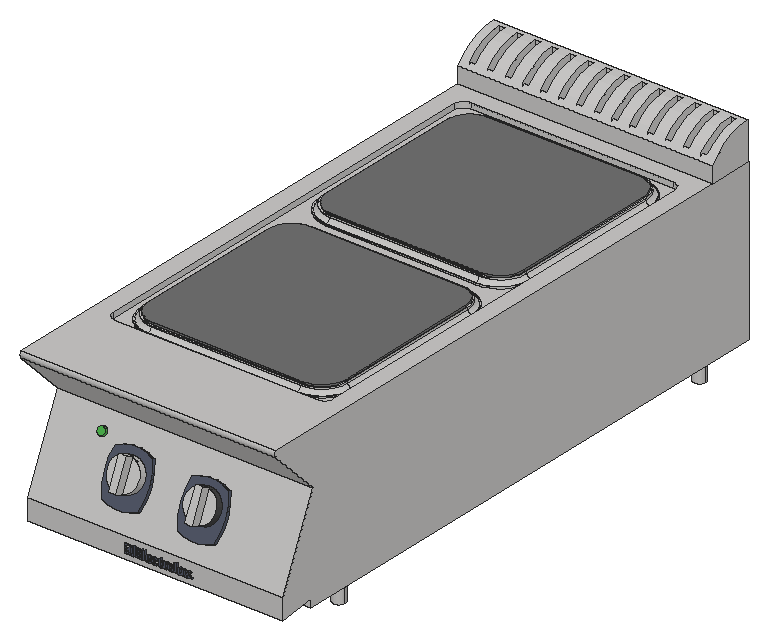
Revit family "QF_ELECTROLUXPROFESSIONAL_391039_E9ECED2Q00", category Specialty Equipment, Revit 2018
Family settings
  Round Connector Dimension = Use Diameter
  Part Type = Normal
  Work Plane-Based = No
  Always vertical = Yes
  Cut with Voids When Loaded = No
  Shared = No
  Room Calculation Point = No
Parameters
  Width = 400 mm  # constant formula
  Weight in Pounds = 35  # constant formula
  Watts = 8000 VA  # 8000 W
  Volts = 400 V  # constant formula
  URL Cutsheet = "www.electrolux.com/foodservice"
  URL = "www.electrolux.com/foodservice"
  Type Mark [instance] = ""
  Status [instance] = ""
  Specification by User [instance] = ""
  Specification by Manufacturer = ""
  Show Logo [instance] = yes
  Show Clearance [instance] = yes
  Serial Number = ""
  Seismic Rating = ""
  SMACNA No = ""
  Revision Code [instance] = ""
  Phase = 3  # constant formula
  Omniclass Number and Title = ""
  Number of Poles [instance] = 1
  NAFEM Spec ID Number = ""
  Model = "391039"
  Min Ckt Ampacity = 0 A
  Max Overcurrent Protection = 0 A
  Masterspec = ""
  Manufacturer = "ELECTROLUX"
  Item Number [instance] = ""
  Installed By [instance] = ""
  Identify Quantity as Lot [instance] = yes
  Height = 333 mm  # constant formula
  HP = "10.7 HP"
  Furnished By [instance] = ""
  Foodservice Equipment Identifier [instance] = yes
  FL Amps = if(Phase = 3, Watts / (Volts * 1.73), Watts / Volts)  # 11.5607 A
  Electrical Remarks [instance] = "400 V/3N ph/50/60 Hz"  # constant formula
  Electric Connection Type [instance] = ""
  Elec Conn RI Height [instance] = 0 mm
  Elec Conn Connection Height [instance] = 0 mm
  Direct Waste Size = 0"
  Description = "900XP 2 ELECTRIC HOT BOILING TOP PLATES 4kW -400V"
  Depth = 930 mm  # constant formula
  Cycle = if([60 Hertz Option], 60 Hz, 50 Hz)  # 60 Hz
  Conn Plug = ""
  Conn Conduit = yes
  CSI MasterFormat = ""
  CSI Master Format = ""
  Base Height [instance] = 24 mm  # constant formula
  Apparent Power = if(Phase = 3, Volts * FL Amps * 1.73, Volts * FL Amps)  # 8000 VA
  60 Hertz Option = not([50 Hertz Option])  # yes
  50 Hertz Option = no
Reference planes
  plane 1 "BACK": y = 0
  plane 2: z = 0
  plane 3 "LEFT": x = 0
  plane 4 "RIGHT": x = 400
  plane 5 "FRONT": y = -930
  plane 6 "TOP": z = 333
  plane 7 "Center Y": x = 200
  plane 8 "Center X": y = -465
  plane 9 "BASE": z = 24
  plane 10 "TOP A": z = 275
  plane 11: y = -790
  plane 12: y = -915
  plane 13: y = -82
  plane 14: y = -609
  plane 15: y = -583
Forms (mm)
  Extrusion 1, solid, material "QF_Finishes_Stainless Steel"
    sketch origin (0, 0, 0) x (0, 1, 0) y (0, 0, 1)
      loop
        line (0, 275) -> (-928.041, 275)
        arc (-928.041, 275) -> (-929.999, 270.526) -> (-928.201, 265.985) r 6.35
        line (-928.201, 265.985) -> (-856.039, 191.809) -> (-915, 63.041) -> (-915, 30.789) -> (-859.023, 36.7) -> (-859.023, 24) -> (0, 24) -> (0, 275)
    from 0 to 400
  Extrusion 2, void
    sketch origin (0, -198.623, 273.238) x (-1, 0, 0) y (0, -1, 0)
      loop
        arc (-42.5, -101.089) -> (-31.893, -96.696) -> (-27.5, -86.089) r 15
        line (-27.5, -86.089) -> (-27.5, 583.262)
        arc (-27.5, 583.262) -> (-31.893, 593.868) -> (-42.5, 598.262) r 15
        line (-42.5, 598.262) -> (-359.751, 598.262)
        arc (-359.751, 598.262) -> (-370.358, 593.868) -> (-374.751, 583.262) r 15
        line (-374.751, 583.262) -> (-374.751, -86.089)
        arc (-374.751, -86.089) -> (-370.358, -96.696) -> (-359.751, -101.089) r 15
        line (-359.751, -101.089) -> (-42.5, -101.089)
    from 1.763 to -6.35
  Extrusion 3, solid, material "QF_Finishes_Stainless Steel"
    sketch origin (0, -198.623, 0) x (1, 0, 0) y (0, 1, 0)
      loop
        circle (11.112, 116.623) r 9.525
      loop
        circle (388.887, 116.623) r 9.525
      loop
        circle (11.112, -591.377) r 9.525
      loop
        circle (388.888, -591.377) r 9.525
    from 0 to 24
  Extrusion 4, solid, material "QF_Clearances", visible <- "Show Clearance", detail levels coarse
    sketch origin (0, -198.623, 0) x (1, 0, 0) y (0, 1, 0)
      loop
        line (0, -731.377) -> (0, 198.623) -> (400, 198.623) -> (400, -731.377) -> (500.019, -731.377) -> (500.019, 298.642) -> (-100.019, 298.642) -> (-100.019, -731.377) -> (0, -731.377)
    from 0 to 333
  Extrusion 5, solid, material "QF_Finishes_Stainless Steel"
    sketch origin (0, 0, 0) x (0, 1, 0) y (0, 0, 1)
      loop
        line (0, 275) -> (0, 333.762)
        arc (0, 333.762) -> (-38.885, 325.372) -> (-69.85, 300.4) r 86.116
        line (-69.85, 300.4) -> (-69.85, 275) -> (0, 275)
    from 0 to 400
  Extrusion 6, void
    sketch origin (0, 0, 273.237) x (-1, 0, 0) y (0, -1, 0)
      loop
        line (-13.453, 6.761) -> (-13.453, 63.911) -> (-22.749, 63.911) -> (-22.749, 6.761) -> (-13.453, 6.761)
    from 25.4 to 63.5
  Extrusion 7, void
    sketch origin (400.05, 0, 273.237) x (1, 0, 0) y (0, 1, 0)
      loop
        line (-13.503, -6.761) -> (-22.799, -6.761) -> (-22.799, -63.911) -> (-13.503, -63.911) -> (-13.503, -6.761)
    from 25.4 to 63.5
  Extrusion 8, void
    sketch origin (27.988, 0, 273.237) x (-1, 0, 0) y (0, -1, 0)
      loop
        line (-13.453, 6.761) -> (-13.453, 63.911) -> (-22.749, 63.911) -> (-22.749, 6.761) -> (-13.453, 6.761)
    from 25.4 to 63.5
  Extrusion 9, void
    sketch origin (55.977, 0, 273.237) x (-1, 0, 0) y (0, -1, 0)
      loop
        line (-13.453, 6.761) -> (-13.453, 63.911) -> (-22.749, 63.911) -> (-22.749, 6.761) -> (-13.453, 6.761)
    from 25.4 to 63.5
  Extrusion 10, void
    sketch origin (83.965, 0, 273.237) x (-1, 0, 0) y (0, -1, 0)
      loop
        line (-13.428, 6.761) -> (-13.428, 63.911) -> (-22.724, 63.911) -> (-22.724, 6.761) -> (-13.428, 6.761)
    from 25.4 to 63.5
  Extrusion 11, void
    sketch origin (111.953, 0, 273.237) x (-1, 0, 0) y (0, -1, 0)
      loop
        line (-13.428, 6.761) -> (-13.428, 63.911) -> (-22.724, 63.911) -> (-22.724, 6.761) -> (-13.428, 6.761)
    from 25.4 to 63.5
  Extrusion 12, void
    sketch origin (139.942, 0, 273.237) x (-1, 0, 0) y (0, -1, 0)
      loop
        line (-13.428, 6.761) -> (-13.428, 63.911) -> (-22.724, 63.911) -> (-22.724, 6.761) -> (-13.428, 6.761)
    from 25.4 to 63.5
  Extrusion 13, void
    sketch origin (167.93, 0, 273.237) x (-1, 0, 0) y (0, -1, 0)
      loop
        line (-13.428, 6.761) -> (-13.428, 63.911) -> (-22.724, 63.911) -> (-22.724, 6.761) -> (-13.428, 6.761)
    from 25.4 to 63.5
  Extrusion 14, void
    sketch origin (195.918, 0, 273.237) x (-1, 0, 0) y (0, -1, 0)
      loop
        line (-13.428, 6.761) -> (-13.428, 63.911) -> (-22.724, 63.911) -> (-22.724, 6.761) -> (-13.428, 6.761)
    from 25.4 to 63.5
  Extrusion 15, void
    sketch origin (223.907, 0, 273.237) x (-1, 0, 0) y (0, -1, 0)
      loop
        line (-13.428, 6.761) -> (-13.428, 63.911) -> (-22.724, 63.911) -> (-22.724, 6.761) -> (-13.428, 6.761)
    from 25.4 to 63.5
  Extrusion 16, void
    sketch origin (251.895, 0, 273.237) x (-1, 0, 0) y (0, -1, 0)
      loop
        line (-13.428, 6.761) -> (-13.428, 63.911) -> (-22.724, 63.911) -> (-22.724, 6.761) -> (-13.428, 6.761)
    from 25.4 to 63.5
  Extrusion 17, void
    sketch origin (279.884, 0, 273.237) x (-1, 0, 0) y (0, -1, 0)
      loop
        line (-13.403, 6.761) -> (-13.403, 63.911) -> (-22.699, 63.911) -> (-22.699, 6.761) -> (-13.403, 6.761)
    from 25.4 to 63.5
  Extrusion 18, void
    sketch origin (307.872, 0, 273.237) x (-1, 0, 0) y (0, -1, 0)
      loop
        line (-13.403, 6.761) -> (-13.403, 63.911) -> (-22.699, 63.911) -> (-22.699, 6.761) -> (-13.403, 6.761)
    from 25.4 to 63.5
  Extrusion 19, void
    sketch origin (335.86, 0, 273.237) x (-1, 0, 0) y (0, -1, 0)
      loop
        line (-13.403, 6.761) -> (-13.403, 63.911) -> (-22.699, 63.911) -> (-22.699, 6.761) -> (-13.403, 6.761)
    from 25.4 to 63.5
  Extrusion 20, solid, material "QF_Finishes_Stainless Steel"
    sketch origin (0, -198.623, 266.888) x (-1, 0, 0) y (0, -1, 0)
      loop
        arc (-86.725, 266.377) -> (-58.441, 278.092) -> (-46.725, 306.377) r 40
        line (-46.725, 306.377) -> (-46.725, 541.377)
        arc (-46.725, 541.377) -> (-58.441, 569.661) -> (-86.725, 581.377) r 40
        line (-86.725, 581.377) -> (-321.725, 581.377)
        arc (-321.725, 581.377) -> (-350.009, 569.661) -> (-361.725, 541.377) r 40
        line (-361.725, 541.377) -> (-361.725, 306.377)
        arc (-361.725, 306.377) -> (-350.009, 278.092) -> (-321.725, 266.377) r 40
        line (-321.725, 266.377) -> (-86.725, 266.377)
      loop
        line (-86.725, 230.796) -> (-321.725, 230.796)
        arc (-321.725, 230.796) -> (-350.009, 219.08) -> (-361.725, 190.796) r 40
        line (-361.725, 190.796) -> (-361.725, -44.204)
        arc (-361.725, -44.204) -> (-350.009, -72.488) -> (-321.725, -84.204) r 40
        line (-321.725, -84.204) -> (-86.725, -84.204)
        arc (-86.725, -84.204) -> (-58.441, -72.488) -> (-46.725, -44.204) r 40
        line (-46.725, -44.204) -> (-46.725, 190.796)
        arc (-46.725, 190.796) -> (-58.441, 219.08) -> (-86.725, 230.796) r 40
    from 0 to 10
  Sweep 21, solid, material "QF_Finishes_Stainless Steel"
    path origin (0, -198.623, 276.888) x (-1, 0, 0) y (0, -1, 0)
      loop
        line (-46.725, 306.377) -> (-46.725, 541.377)
        arc (-46.725, 541.377) -> (-58.441, 569.661) -> (-86.725, 581.377) r 40
        line (-86.725, 581.377) -> (-321.725, 581.377)
        arc (-321.725, 581.377) -> (-350.009, 569.661) -> (-361.725, 541.377) r 40
        line (-361.725, 541.377) -> (-361.725, 306.377)
        arc (-361.725, 306.377) -> (-350.009, 278.092) -> (-321.725, 266.377) r 40
        line (-321.725, 266.377) -> (-86.725, 266.377)
        arc (-86.725, 266.377) -> (-58.441, 278.092) -> (-46.725, 306.377) r 40
    profile origin (46.725, -622.5, 276.888) x (1, 0, 0) y (0, 0, 1)
      loop
        arc (0, -1.759) -> (-2.638, -5.472) -> (-6.35, -8.109) r 13.651
        line (-6.35, -8.109) -> (-8.064, -8.109) -> (-8.064, -10) -> (0, -10) -> (0, -1.759)
  Sweep 22, solid, material "QF_Finishes_Stainless Steel"
    path origin (0, 151.957, 276.888) x (-1, 0, 0) y (0, -1, 0)
      loop
        line (-46.725, 306.377) -> (-46.725, 541.377)
        arc (-46.725, 541.377) -> (-58.441, 569.661) -> (-86.725, 581.377) r 40
        line (-86.725, 581.377) -> (-321.725, 581.377)
        arc (-321.725, 581.377) -> (-350.009, 569.661) -> (-361.725, 541.377) r 40
        line (-361.725, 541.377) -> (-361.725, 306.377)
        arc (-361.725, 306.377) -> (-350.009, 278.092) -> (-321.725, 266.377) r 40
        line (-321.725, 266.377) -> (-86.725, 266.377)
        arc (-86.725, 266.377) -> (-58.441, 278.092) -> (-46.725, 306.377) r 40
    profile origin (46.725, -271.919, 276.888) x (1, 0, 0) y (0, 0, 1)
      loop
        arc (0, -1.759) -> (-2.638, -5.472) -> (-6.35, -8.109) r 13.651
        line (-6.35, -8.109) -> (-8.064, -8.109) -> (-8.064, -10) -> (0, -10) -> (0, -1.759)
  Extrusion 23, solid, material "QF_Finishes_Rubber Black"
    sketch origin (0, -198.623, 276.888) x (-1, 0, 0) y (0, -1, 0)
      loop
        arc (-49.725, 190.796) -> (-60.562, 216.959) -> (-86.725, 227.796) r 37
        line (-86.725, 227.796) -> (-321.725, 227.796)
        arc (-321.725, 227.796) -> (-347.888, 216.959) -> (-358.725, 190.796) r 37
        line (-358.725, 190.796) -> (-358.725, -44.204)
        arc (-358.725, -44.204) -> (-347.888, -70.367) -> (-321.725, -81.204) r 37
        line (-321.725, -81.204) -> (-86.725, -81.204)
        arc (-86.725, -81.204) -> (-60.562, -70.367) -> (-49.725, -44.204) r 37
        line (-49.725, -44.204) -> (-49.725, 190.796)
      loop
        arc (-86.725, 269.377) -> (-60.562, 280.214) -> (-49.725, 306.377) r 37
        line (-49.725, 306.377) -> (-49.725, 541.377)
        arc (-49.725, 541.377) -> (-60.562, 567.54) -> (-86.725, 578.377) r 37
        line (-86.725, 578.377) -> (-321.725, 578.377)
        arc (-321.725, 578.377) -> (-347.888, 567.54) -> (-358.725, 541.377) r 37
        line (-358.725, 541.377) -> (-358.725, 306.377)
        arc (-358.725, 306.377) -> (-347.888, 280.214) -> (-321.725, 269.377) r 37
        line (-321.725, 269.377) -> (-86.725, 269.377)
    from 0 to 2
  Extrusion 24, solid, material "QF_Finishes_Green"
    sketch origin (0, -915, 63.041) x (0, 0.416318, 0.909219) y (-1, 0, 0)
      loop
        circle (111.946, -80.648) r 6.35
    from 0 to 3.175
  Extrusion 25, solid, material "QF_Finishes_Navy Blue", visible <- "Show Logo"
    sketch origin (0, -915, 31.09) x (0, 0, 1) y (-1, 0, 0)
      loop
        line (22.074, -162.506) -> (9.707, -162.506)
        arc (9.707, -162.506) -> (15.891, -167.078) -> (22.074, -162.506) r 6.467
      loop
        arc (22.074, -161.877) -> (20.905, -156.734) -> (16.249, -154.256) r 6.338
        line (16.249, -154.256) -> (16.249, -156.302)
        arc (16.249, -156.302) -> (17.733, -159.957) -> (21.178, -161.877) r 5.941
        line (21.178, -161.877) -> (22.074, -161.877)
      loop
        arc (10.603, -161.877) -> (14.048, -159.957) -> (15.532, -156.302) r 5.941
        line (15.532, -156.302) -> (15.532, -154.256)
        arc (15.532, -154.256) -> (10.838, -156.73) -> (9.548, -161.877) r 6.504
        line (9.548, -161.877) -> (10.603, -161.877)
      loop
        line (22.749, -153.787) -> (9.004, -153.787) -> (9.004, -167.55) -> (22.749, -167.55) -> (22.749, -153.787)
      loop
        arc (22.832, -170.518) -> (22.485, -170.16) -> (22.118, -170.498) r 0.358
        arc (22.118, -170.498) -> (21.804, -171.248) -> (21.087, -171.633) r 1.216
        line (21.087, -171.633) -> (10.674, -171.633)
        arc (10.674, -171.633) -> (10.014, -171.356) -> (9.618, -170.759) r 1.238
        arc (9.618, -170.759) -> (9.223, -170.508) -> (8.918, -170.862) r 0.358
        line (8.918, -170.862) -> (8.918, -180.741) -> (11.669, -180.741) -> (11.669, -179.844)
        arc (11.669, -179.844) -> (10.76, -179.264) -> (10.304, -178.287) r 1.928
        line (10.304, -178.287) -> (10.304, -175.788)
        arc (10.304, -175.788) -> (10.58, -175.059) -> (11.268, -174.695) r 1.101
        line (11.268, -174.695) -> (15.355, -174.695) -> (15.355, -178.369)
        arc (15.355, -178.369) -> (15.002, -178.866) -> (14.437, -179.094) r 1.083
        arc (14.437, -179.094) -> (14.173, -179.399) -> (14.465, -179.677) r 0.292
        line (14.465, -179.677) -> (17.428, -179.677)
        arc (17.428, -179.677) -> (17.73, -179.404) -> (17.492, -179.074) r 0.305
        arc (17.492, -179.074) -> (17.001, -178.826) -> (16.696, -178.369) r 1.083
        line (16.696, -178.369) -> (16.696, -174.695) -> (21.373, -174.695) -> (21.373, -178.443)
        arc (21.373, -178.443) -> (21.159, -179.198) -> (20.553, -179.696) r 1.314
        arc (20.553, -179.696) -> (20.334, -180.1) -> (20.688, -180.393) r 0.361
        line (20.688, -180.393) -> (22.832, -180.393) -> (22.832, -170.518)
      loop
        arc (22.115, -181.173) -> (21.735, -182.092) -> (20.816, -182.472) r 1.299
        line (20.816, -182.472) -> (11.237, -182.472)
        arc (11.237, -182.472) -> (10.399, -182.094) -> (10.128, -181.216) r 1.118
        line (10.128, -181.216) -> (8.918, -181.216) -> (8.918, -186.566) -> (10.106, -186.566)
        arc (10.106, -186.566) -> (10.378, -185.649) -> (11.248, -185.253) r 1.153
        line (11.248, -185.253) -> (23.32, -185.253) -> (22.115, -181.173)
      loop
        line (13.883, -189.202) -> (13.883, -195.65) -> (14.682, -195.65)
        arc (14.682, -195.65) -> (17.262, -194.665) -> (18.531, -192.212) r 3.874
        line (18.531, -192.212) -> (18.531, -190.451)
        arc (18.531, -190.451) -> (17.344, -187.586) -> (14.48, -186.4) r 4.051
        line (14.48, -186.4) -> (12.472, -186.4)
        arc (12.472, -186.4) -> (9.653, -187.885) -> (8.602, -190.892) r 4.352
        arc (8.602, -190.892) -> (8.966, -193.355) -> (10.343, -195.429) r 5.713
        line (10.343, -195.429) -> (11.292, -195.429)
        arc (11.292, -195.429) -> (10.56, -193.86) -> (10.343, -192.142) r 5.579
        arc (10.343, -192.142) -> (11.137, -190.179) -> (13.016, -189.202) r 3.057
        line (13.016, -189.202) -> (13.883, -189.202)
      loop
        line (15.142, -189.202) -> (15.142, -192.784)
        arc (15.142, -192.784) -> (16.599, -192.832) -> (17.482, -191.672) r 1.59
        line (17.482, -191.672) -> (17.482, -190.842)
        arc (17.482, -190.842) -> (16.617, -189.587) -> (15.142, -189.202) r 2.184
      loop
        arc (17.933, -205.067) -> (18.422, -203.393) -> (18.579, -201.656) r 9.023
        line (18.579, -201.656) -> (18.579, -200.294)
        arc (18.579, -200.294) -> (17.42, -197.494) -> (14.62, -196.335) r 3.959
        line (14.62, -196.335) -> (12.02, -196.335)
        arc (12.02, -196.335) -> (9.738, -197.627) -> (8.621, -200) r 4.331
        line (8.621, -200) -> (8.621, -202.135)
        arc (8.621, -202.135) -> (9.129, -203.685) -> (10.051, -205.031) r 5.772
        arc (10.051, -205.031) -> (10.812, -205.082) -> (10.899, -204.323) r 0.553
        arc (10.899, -204.323) -> (10.511, -203.589) -> (10.377, -202.77) r 2.573
        line (10.377, -202.77) -> (10.377, -201.255)
        arc (10.377, -201.255) -> (11.383, -199.614) -> (13.198, -198.971) r 2.884
        line (13.198, -198.971) -> (14.477, -198.971)
        arc (14.477, -198.971) -> (16.298, -199.531) -> (17.224, -201.196) r 2.554
        line (17.224, -201.196) -> (17.224, -202.249)
        arc (17.224, -202.249) -> (16.893, -203.177) -> (16.236, -203.912) r 2.564
        arc (16.236, -203.912) -> (16.014, -204.629) -> (16.623, -205.067) r 0.643
        line (16.623, -205.067) -> (17.933, -205.067)
      loop
        line (16.915, -205.337) -> (16.915, -206.838) -> (10.867, -206.838)
        arc (10.867, -206.838) -> (9.279, -207.496) -> (8.621, -209.084) r 2.246
        line (8.621, -209.084) -> (8.621, -210.668)
        arc (8.621, -210.668) -> (8.935, -211.533) -> (9.435, -212.304) r 4.06
        arc (9.435, -212.304) -> (10.168, -212.437) -> (10.419, -211.736) r 0.576
        arc (10.419, -211.736) -> (10.313, -211.211) -> (10.377, -210.678) r 1.69
        arc (10.377, -210.678) -> (10.919, -209.89) -> (11.825, -209.587) r 1.506
        line (11.825, -209.587) -> (16.963, -209.587) -> (16.963, -211.984) -> (17.519, -212.541) -> (18.341, -212.541) -> (18.341, -209.681) -> (21.572, -209.681) -> (16.915, -205.337)
      loop
        line (8.838, -213.438) -> (8.838, -218.825) -> (9.948, -218.825)
        arc (9.948, -218.825) -> (10.342, -217.874) -> (11.293, -217.48) r 1.345
        line (11.293, -217.48) -> (14.909, -217.48)
        arc (14.909, -217.48) -> (15.674, -218.072) -> (15.964, -218.994) r 1.615
        line (15.964, -218.994) -> (15.964, -220.55) -> (18.519, -221.235) -> (18.519, -219.852) -> (16.577, -217.293) -> (18.457, -217.293) -> (18.173, -214.587)
        arc (18.173, -214.587) -> (17.733, -214.057) -> (17.074, -214.258) r 0.621
        arc (17.074, -214.258) -> (16.674, -214.6) -> (16.18, -214.783) r 1.501
        line (16.18, -214.783) -> (11.293, -214.783)
        arc (11.293, -214.783) -> (10.342, -214.389) -> (9.948, -213.438) r 1.345
        line (9.948, -213.438) -> (8.838, -213.438)
      loop
        line (14.94, -220.772) -> (12.248, -220.772)
        arc (12.248, -220.772) -> (9.803, -222.08) -> (8.669, -224.611) r 4.288
        arc (8.669, -224.611) -> (8.605, -225.991) -> (8.669, -227.371) r 15.022
        arc (8.669, -227.371) -> (9.803, -229.902) -> (12.248, -231.209) r 4.288
        line (12.248, -231.209) -> (14.94, -231.209)
        arc (14.94, -231.209) -> (17.386, -229.902) -> (18.519, -227.371) r 4.288
        arc (18.519, -227.371) -> (18.583, -225.991) -> (18.519, -224.611) r 15.022
        arc (18.519, -224.611) -> (17.386, -222.08) -> (14.94, -220.772) r 4.288
      loop
        line (15.145, -223.886) -> (12.043, -223.886)
        arc (12.043, -223.886) -> (9.886, -226.043) -> (12.043, -228.2) r 2.157
        line (12.043, -228.2) -> (15.145, -228.2)
        arc (15.145, -228.2) -> (17.302, -226.043) -> (15.145, -223.886) r 2.157
      loop
        arc (22.126, -231.068) -> (21.755, -231.962) -> (20.861, -232.332) r 1.264
        line (20.861, -232.332) -> (10.997, -232.332)
        arc (10.997, -232.332) -> (10.127, -231.935) -> (9.855, -231.019) r 1.153
        line (9.855, -231.019) -> (8.918, -231.019) -> (8.918, -236.127) -> (9.846, -236.127)
        arc (9.846, -236.127) -> (10.205, -235.355) -> (10.997, -235.04) r 1.153
        line (10.997, -235.04) -> (23.32, -235.04) -> (22.126, -231.068)
      loop
        arc (17.246, -235.665) -> (17.047, -236.729) -> (16.078, -237.211) r 1.215
        line (16.078, -237.211) -> (11.058, -237.211)
        arc (11.058, -237.211) -> (9.443, -237.859) -> (8.722, -239.442) r 2.338
        line (8.722, -239.442) -> (8.722, -240.956)
        arc (8.722, -240.956) -> (8.897, -241.96) -> (9.399, -242.846) r 2.979
        line (9.399, -242.846) -> (8.918, -244.643) -> (8.918, -246.332) -> (18.343, -246.332) -> (18.049, -242.128) -> (17.263, -242.128)
        arc (17.263, -242.128) -> (16.907, -242.964) -> (16.155, -243.473) r 1.605
        line (16.155, -243.473) -> (11.052, -243.473)
        arc (11.052, -243.473) -> (10.632, -242.536) -> (10.559, -241.512) r 2.94
        arc (10.559, -241.512) -> (11.12, -240.411) -> (12.273, -239.968) r 1.724
        line (12.273, -239.968) -> (18.47, -239.968) -> (17.246, -235.665)
      loop
        line (18.274, -247.185) -> (16.602, -249.231) -> (13.428, -251.537) -> (9.972, -248.425)
        arc (9.972, -248.425) -> (9.735, -248.031) -> (9.757, -247.572) r 0.789
        line (9.757, -247.572) -> (8.918, -247.572) -> (8.918, -251.117) -> (9.744, -251.117)
        arc (9.744, -251.117) -> (10.086, -250.755) -> (10.576, -250.847) r 0.52
        line (10.576, -250.847) -> (12.376, -252.318) -> (10.258, -253.694)
        arc (10.258, -253.694) -> (9.857, -253.384) -> (9.77, -252.884) r 0.7
        line (9.77, -252.884) -> (8.918, -252.884) -> (8.918, -258.811) -> (9.805, -258.811)
        arc (9.805, -258.811) -> (9.872, -258.152) -> (10.266, -257.621) r 1.247
        line (10.266, -257.621) -> (14.466, -254.34) -> (16.913, -256.393) -> (18.274, -258.135) -> (18.274, -254.412) -> (16.789, -254.834) -> (15.268, -253.557) -> (16.968, -252.367) -> (18.274, -253.144) -> (18.274, -247.185)
    from 0 to 1.644
  Extrusion 26, solid, material "QF_Finishes_Stainless Steel"
    sketch origin (-24.783, -915.025, 68.652) x (0, 0.421077, 0.907025) y (-1, 0, 0)
      loop
        circle (68.826, -160.963) r 25.4
    from 0 to 12.7
  Extrusion 27, solid, material "QF_Finishes_Stainless Steel"
    sketch origin (-24.783, -926.544, 74) x (0, 0.421077, 0.907025) y (-1, 0, 0)
      loop
        arc (93.558, -166.749) -> (94.226, -160.963) -> (93.558, -155.177) r 25.4
        line (93.558, -155.177) -> (44.094, -155.177)
        arc (44.094, -155.177) -> (43.426, -160.963) -> (44.094, -166.749) r 25.4
        line (44.094, -166.749) -> (93.558, -166.749)
    from 0 to 12.7
  Extrusion 28, solid, material "QF_Finishes_Stainless Steel"
    sketch origin (417.5, -915.025, 66.777) x (0, 0.421077, 0.907025) y (-1, 0, 0)
      loop
        circle (68.826, 160.963) r 25.4
    from 0 to 12.7
  Extrusion 29, solid, material "QF_Finishes_Stainless Steel"
    sketch origin (417.5, -926.544, 72.125) x (0, 0.421077, 0.907025) y (-1, 0, 0)
      loop
        line (93.558, 166.749) -> (44.094, 166.749)
        arc (44.094, 166.749) -> (43.426, 160.963) -> (44.094, 155.177) r 25.4
        line (44.094, 155.177) -> (93.558, 155.177)
        arc (93.558, 155.177) -> (94.226, 160.963) -> (93.558, 166.749) r 25.4
    from 0 to 12.7
  Extrusion 30, solid, material "QF_Finishes_Stainless Steel"
    sketch origin (0, -300.223, 24) x (-1, 0, 0) y (0, 1, 0)
      loop
        circle (-249, -308.777) r 12.7
    from 0 to 12.7
  Extrusion 31, solid, material "QF_Finishes_Stainless Steel"
    sketch origin (0, -300.223, 24) x (-1, 0, 0) y (0, 1, 0)
      loop
        circle (-339, -282.777) r 12.7
    from 0 to 12.7
  Extrusion 32, solid, material "QF_Finishes_Navy Blue - Electrolux"
    sketch origin (0, -915, 63.041) x (0, 0.416318, 0.909219) y (-1, 0, 0)
      loop
        arc (103.364, -107.24) -> (68.487, -100.223) -> (33.619, -107.285) r 89.894
        arc (33.619, -107.285) -> (26.924, -135.815) -> (33.619, -164.346) r 64.14
        arc (33.619, -164.346) -> (68.487, -171.411) -> (103.364, -164.39) r 89.853
        arc (103.364, -164.39) -> (110.078, -135.815) -> (103.364, -107.24) r 64.16
      loop
        arc (100.864, -227.597) -> (65.987, -220.58) -> (31.119, -227.641) r 89.894
        arc (31.119, -227.641) -> (24.424, -256.172) -> (31.119, -284.703) r 64.14
        arc (31.119, -284.703) -> (65.987, -291.768) -> (100.864, -284.747) r 89.853
        arc (100.864, -284.747) -> (107.578, -256.172) -> (100.864, -227.597) r 64.16
    from 0 to 4
Cuts and joins
  Extrusion 2 cuts Extrusion 1
  Extrusion 6, Extrusion 7, Extrusion 8, Extrusion 9, Extrusion 10, Extrusion 11, Extrusion 12, Extrusion 13, Extrusion 14, Extrusion 15, Extrusion 16, Extrusion 17, Extrusion 18, Extrusion 19 cuts Extrusion 5
Lines and regions (mm)
  symbolic lines, style "QF_Clearances", visible <- "Show Clearance", detail levels coarse
    curve 1: line (-100.019, 100.019, 275) -> (-100.019, -930, 275)
    curve 2: line (500.019, 100.019, 275) -> (-100.019, 100.019, 275)
    curve 3: line (500.019, -930, 275) -> (500.019, 100.019, 275)
  symbolic lines
    curve 4: line (0, -930, 275) -> (0, -198.623, 275)
    curve 5: line (400, -198.623, 275) -> (400, -930, 275)
    curve 6: line (0, -268.473, 275) -> (0, -319.273, 275)
    curve 7: line (400, -930, 275) -> (0, -930, 275)
    curve 8: line (27.5, -781.885, 266.888) -> (27.5, -112.534, 266.888)
    curve 9: line (42.5, -97.534, 266.888) -> (359.751, -97.534, 266.887)
    curve 10: line (374.751, -112.534, 266.887) -> (374.751, -781.885, 266.887)
    curve 11: line (359.751, -796.885, 266.887) -> (42.5, -796.885, 266.888)
    curve 12: line (0, 0, 275) -> (400, 0, 275)
    curve 13: line (22.724, -6.761, 275) -> (22.724, -63.911, 275)
    curve 14: line (22.724, -63.911, 275) -> (13.428, -63.911, 275)
    curve 15: line (13.428, -63.911, 275) -> (13.428, -6.761, 275)
    curve 16: line (13.428, -6.761, 275) -> (22.724, -6.761, 275)
    curve 17: line (386.547, -6.761, 275) -> (386.547, -63.911, 275)
    curve 18: line (386.547, -63.911, 275) -> (377.251, -63.911, 275)
    curve 19: line (377.251, -63.911, 275) -> (377.251, -6.761, 275)
    curve 20: line (377.251, -6.761, 275) -> (386.547, -6.761, 275)
    curve 21: line (50.712, -6.761, 275) -> (50.712, -63.911, 275)
    curve 22: line (50.712, -63.911, 275) -> (41.416, -63.911, 275)
    curve 23: line (41.416, -63.911, 275) -> (41.416, -6.761, 275)
    curve 24: line (41.416, -6.761, 275) -> (50.712, -6.761, 275)
    curve 25: line (78.7, -6.761, 275) -> (78.7, -63.911, 275)
    curve 26: line (78.7, -63.911, 275) -> (69.405, -63.911, 275)
    curve 27: line (69.405, -63.911, 275) -> (69.405, -6.761, 275)
    curve 28: line (69.405, -6.761, 275) -> (78.7, -6.761, 275)
    curve 29: line (106.689, -6.761, 275) -> (106.689, -63.911, 275)
    curve 30: line (106.689, -63.911, 275) -> (97.393, -63.911, 275)
    curve 31: line (97.393, -63.911, 275) -> (97.393, -6.761, 275)
    curve 32: line (97.393, -6.761, 275) -> (106.689, -6.761, 275)
    curve 33: line (134.677, -6.761, 275) -> (134.677, -63.911, 275)
    curve 34: line (134.677, -63.911, 275) -> (125.381, -63.911, 275)
    curve 35: line (125.381, -63.911, 275) -> (125.381, -6.761, 275)
    curve 36: line (125.381, -6.761, 275) -> (134.677, -6.761, 275)
    curve 37: line (162.665, -6.761, 275) -> (162.665, -63.911, 275)
    curve 38: line (162.665, -63.911, 275) -> (153.37, -63.911, 275)
    curve 39: line (153.37, -63.911, 275) -> (153.37, -6.761, 275)
    curve 40: line (153.37, -6.761, 275) -> (162.665, -6.761, 275)
    curve 41: line (190.654, -6.761, 275) -> (190.654, -63.911, 275)
    curve 42: line (190.654, -63.911, 275) -> (181.358, -63.911, 275)
    curve 43: line (181.358, -63.911, 275) -> (181.358, -6.761, 275)
    curve 44: line (181.358, -6.761, 275) -> (190.654, -6.761, 275)
    curve 45: line (218.642, -6.761, 275) -> (218.642, -63.911, 275)
    curve 46: line (218.642, -63.911, 275) -> (209.346, -63.911, 275)
    curve 47: line (209.346, -63.911, 275) -> (209.346, -6.761, 275)
    curve 48: line (209.346, -6.761, 275) -> (218.642, -6.761, 275)
    curve 49: line (246.605, -6.761, 275) -> (246.605, -63.911, 275)
    curve 50: line (246.605, -63.911, 275) -> (237.31, -63.911, 275)
    curve 51: line (237.31, -63.911, 275) -> (237.31, -6.761, 275)
    curve 52: line (237.31, -6.761, 275) -> (246.605, -6.761, 275)
    curve 53: line (274.594, -6.761, 275) -> (274.594, -63.911, 275)
    curve 54: line (274.594, -63.911, 275) -> (265.298, -63.911, 275)
    curve 55: line (265.298, -63.911, 275) -> (265.298, -6.761, 275)
    curve 56: line (265.298, -6.761, 275) -> (274.594, -6.761, 275)
    curve 57: line (302.582, -6.761, 275) -> (302.582, -63.911, 275)
    curve 58: line (302.582, -63.911, 275) -> (293.286, -63.911, 275)
    curve 59: line (293.286, -63.911, 275) -> (293.286, -6.761, 275)
    curve 60: line (293.286, -6.761, 275) -> (302.582, -6.761, 275)
    curve 61: line (330.57, -6.761, 275) -> (330.57, -63.911, 275)
    curve 62: line (330.57, -63.911, 275) -> (321.275, -63.911, 275)
    curve 63: line (321.275, -63.911, 275) -> (321.275, -6.761, 275)
    curve 64: line (321.275, -6.761, 275) -> (330.57, -6.761, 275)
    curve 65: line (358.559, -6.761, 275) -> (358.559, -63.911, 275)
    curve 66: line (358.559, -63.911, 275) -> (349.263, -63.911, 275)
    curve 67: line (349.263, -63.911, 275) -> (349.263, -6.761, 275)
    curve 68: line (349.263, -6.761, 275) -> (358.559, -6.761, 275)
    curve 69: line (400, -69.85, 275) -> (0, -69.85, 275)
    curve 70: arc (42.5, -97.534, 266.888) -> (31.893, -101.928, 266.888) -> (27.5, -112.534, 266.888) r 15
    curve 71: arc (374.751, -112.534, 266.887) -> (370.358, -101.928, 266.887) -> (359.751, -97.534, 266.887) r 15
    curve 72: arc (359.751, -796.885, 266.887) -> (370.358, -792.492, 266.887) -> (374.751, -781.885, 266.887) r 15
    curve 73: arc (27.5, -781.885, 266.888) -> (31.893, -792.492, 266.888) -> (42.5, -796.885, 266.888) r 15
    curve 74: arc (86.725, -117.419, 266.888) -> (60.562, -128.256, 266.888) -> (49.725, -154.419, 266.888) r 37
    curve 75: line (49.725, -154.419, 266.888) -> (49.725, -389.419, 266.888)
    curve 76: arc (49.725, -389.419, 266.888) -> (60.562, -415.582, 266.888) -> (86.725, -426.419, 266.888) r 37
    curve 77: line (86.725, -426.419, 266.888) -> (321.725, -426.419, 266.887)
    curve 78: arc (321.725, -426.419, 266.887) -> (347.888, -415.582, 266.887) -> (358.725, -389.419, 266.887) r 37
    curve 79: line (358.725, -389.419, 266.887) -> (358.725, -154.419, 266.887)
    curve 80: arc (358.725, -154.419, 266.887) -> (347.888, -128.256, 266.887) -> (321.725, -117.419, 266.887) r 37
    curve 81: line (321.725, -117.419, 266.887) -> (86.725, -117.419, 266.888)
    curve 82: arc (86.725, -114.419, 266.888) -> (58.441, -126.135, 266.888) -> (46.725, -154.419, 266.888) r 40
    curve 83: line (46.725, -154.419, 266.888) -> (46.725, -389.419, 266.888)
    curve 84: arc (46.725, -389.419, 266.888) -> (58.441, -417.704, 266.888) -> (86.725, -429.419, 266.888) r 40
    curve 85: line (86.725, -429.419, 266.888) -> (321.725, -429.419, 266.887)
    curve 86: arc (321.725, -429.419, 266.887) -> (350.009, -417.704, 266.887) -> (361.725, -389.419, 266.887) r 40
    curve 87: line (361.725, -389.419, 266.887) -> (361.725, -154.419, 266.887)
    curve 88: arc (361.725, -154.419, 266.887) -> (350.009, -126.135, 266.887) -> (321.725, -114.419, 266.887) r 40
    curve 89: line (321.725, -114.419, 266.887) -> (86.725, -114.419, 266.888)
    curve 90: arc (40.375, -154.419, 266.888) -> (53.951, -121.645, 266.888) -> (86.725, -108.069, 266.888) r 46.35
    curve 91: line (86.725, -108.069, 266.888) -> (321.725, -108.069, 266.887)
    curve 92: arc (321.725, -108.069, 266.887) -> (354.499, -121.645, 266.887) -> (368.075, -154.419, 266.887) r 46.35
    curve 93: line (368.075, -154.419, 266.887) -> (368.075, -389.419, 266.887)
    curve 94: arc (368.075, -389.419, 266.887) -> (354.499, -422.194, 266.887) -> (321.725, -435.769, 266.887) r 46.35
    curve 95: line (321.725, -435.769, 266.887) -> (86.725, -435.769, 266.888)
    curve 96: arc (86.725, -435.769, 266.888) -> (53.951, -422.194, 266.888) -> (40.375, -389.419, 266.888) r 46.35
    curve 97: line (40.375, -389.419, 266.888) -> (40.375, -154.419, 266.888)
    curve 98: arc (86.725, -106.355, 266.888) -> (52.738, -120.433, 266.888) -> (38.661, -154.419, 266.888) r 48.064
    curve 99: line (38.661, -154.419, 266.888) -> (38.661, -389.419, 266.888)
    curve 100: arc (38.661, -389.419, 266.888) -> (52.738, -423.406, 266.888) -> (86.725, -437.484, 266.888) r 48.064
    curve 101: line (86.725, -437.484, 266.888) -> (321.725, -437.484, 266.887)
    curve 102: arc (321.725, -437.484, 266.887) -> (355.712, -423.406, 266.887) -> (369.789, -389.419, 266.887) r 48.064
    curve 103: line (369.789, -389.419, 266.887) -> (369.789, -154.419, 266.887)
    curve 104: arc (369.789, -154.419, 266.887) -> (355.712, -120.433, 266.887) -> (321.725, -106.355, 266.887) r 48.064
    curve 105: line (321.725, -106.355, 266.887) -> (86.725, -106.355, 266.888)
    curve 106: arc (86.725, -456.936, 266.888) -> (52.738, -471.013, 266.888) -> (38.661, -505, 266.888) r 48.064
    curve 107: line (38.661, -505, 266.888) -> (38.661, -740, 266.888)
    curve 108: arc (38.661, -740, 266.888) -> (52.738, -773.987, 266.888) -> (86.725, -788.064, 266.888) r 48.064
    curve 109: line (86.725, -788.064, 266.888) -> (321.725, -788.064, 266.887)
    curve 110: arc (321.725, -788.064, 266.887) -> (355.712, -773.987, 266.887) -> (369.789, -740, 266.887) r 48.064
    curve 111: line (369.789, -740, 266.887) -> (369.789, -505, 266.887)
    curve 112: arc (369.789, -505, 266.887) -> (355.712, -471.013, 266.887) -> (321.725, -456.936, 266.887) r 48.064
    curve 113: line (321.725, -456.936, 266.887) -> (86.725, -456.936, 266.888)
    curve 114: arc (40.375, -505, 266.888) -> (53.951, -472.226, 266.888) -> (86.725, -458.65, 266.888) r 46.35
    curve 115: line (86.725, -458.65, 266.888) -> (321.725, -458.65, 266.887)
    curve 116: arc (321.725, -458.65, 266.887) -> (354.499, -472.226, 266.887) -> (368.075, -505, 266.887) r 46.35
    curve 117: line (368.075, -505, 266.887) -> (368.075, -740, 266.887)
    curve 118: arc (368.075, -740, 266.887) -> (354.499, -772.774, 266.887) -> (321.725, -786.35, 266.887) r 46.35
    curve 119: line (321.725, -786.35, 266.887) -> (86.725, -786.35, 266.888)
    curve 120: arc (86.725, -786.35, 266.888) -> (53.951, -772.774, 266.888) -> (40.375, -740, 266.888) r 46.35
    curve 121: line (40.375, -740, 266.888) -> (40.375, -505, 266.888)
    curve 122: arc (86.725, -465, 266.888) -> (58.441, -476.716, 266.888) -> (46.725, -505, 266.888) r 40
    curve 123: line (46.725, -505, 266.888) -> (46.725, -740, 266.888)
    curve 124: arc (46.725, -740, 266.888) -> (58.441, -768.284, 266.888) -> (86.725, -780, 266.888) r 40
    curve 125: line (86.725, -780, 266.888) -> (321.725, -780, 266.887)
    curve 126: arc (321.725, -780, 266.887) -> (350.009, -768.284, 266.887) -> (361.725, -740, 266.887) r 40
    curve 127: line (361.725, -740, 266.887) -> (361.725, -505, 266.887)
    curve 128: arc (361.725, -505, 266.887) -> (350.009, -476.716, 266.887) -> (321.725, -465, 266.887) r 40
    curve 129: line (321.725, -465, 266.887) -> (86.725, -465, 266.888)
    curve 130: arc (86.725, -468, 266.888) -> (60.562, -478.837, 266.888) -> (49.725, -505, 266.888) r 37
    curve 131: line (49.725, -505, 266.888) -> (49.725, -740, 266.888)
    curve 132: arc (49.725, -740, 266.888) -> (60.562, -766.163, 266.888) -> (86.725, -777, 266.888) r 37
    curve 133: line (86.725, -777, 266.888) -> (321.725, -777, 266.887)
    curve 134: arc (321.725, -777, 266.887) -> (347.888, -766.163, 266.887) -> (358.725, -740, 266.887) r 37
    curve 135: line (358.725, -740, 266.887) -> (358.725, -505, 266.887)
    curve 136: arc (358.725, -505, 266.887) -> (347.888, -478.837, 266.887) -> (321.725, -468, 266.887) r 37
    curve 137: line (321.725, -468, 266.887) -> (86.725, -468, 266.888)
    curve 138: line (0, -930, 266.888) -> (0, 0, 266.888)
    curve 139: line (400, 0, 266.887) -> (400, -930, 266.887)
Dimensions and locks
  equal spacing: plane 3 "LEFT", plane 7 "Center Y", plane 4 "RIGHT"
  "Width": plane 3 "LEFT" to plane 4 "RIGHT"
  equal spacing: plane 5 "FRONT", plane 8 "Center X", plane 1 "BACK"
  "Depth": plane 5 "FRONT" to plane 1 "BACK"
  "Height": plane 6 "TOP" to level
  "Base Height": plane 9 "BASE" to level
  plane 1 "BACK" to plane 5 "FRONT" = 930 mm
  plane 10 "TOP A" to plane 9 "BASE" = 251 mm  (x2)
  plane 6 "TOP" to plane 2 = 333 mm
  Extrusion 3 sketch curve to plane 1 "BACK" = 82 mm
  plane 12 to plane 11 to plane 13 to plane 1 "BACK" = 125 mm, 708 mm, 82 mm
  Extrusion 3 sketch curve to plane 1 "BACK" = 790 mm
  plane 5 "FRONT" to plane 1 "BACK" = 930 mm
  plane 9 "BASE" to plane 2 = 24 mm
  plane 15 to plane 1 "BACK" = 583 mm
  plane 14 to plane 1 "BACK" = 609 mm
  plane 6 "TOP" to plane 10 "TOP A" = 58 mm
  aligned and locked: level to plane 2
Automatic sketch dimensions
  Extrusion 2 sketch curve to plane 4 "RIGHT" = 25.249 mm
  Extrusion 2 sketch curve to Extrusion 2 sketch curve = 15 mm  (x3)
  plane 3 "LEFT" to Extrusion 2 sketch curve = 42.5 mm  (x2)
  Extrusion 2 sketch curve to plane 5 "FRONT" = 148.115 mm
  plane 5 "FRONT" to Extrusion 4 sketch curve = 0 mm  (x2)
  plane 1 "BACK" to Extrusion 4 sketch curve = 0 mm
  Extrusion 4 sketch curve to plane 3 "LEFT" = 0 mm
  Extrusion 4 sketch curve to plane 4 "RIGHT" = 0 mm
  Extrusion 4 sketch curve to plane 3 "LEFT" = 100.019 mm
  plane 4 "RIGHT" to Extrusion 4 sketch curve = 100.019 mm
  Extrusion 4 sketch curve to plane 1 "BACK" = 100.019 mm
  curve 10 to Extrusion 2 = 15 mm  (x2)
  curve 10 to Extrusion 2 = 0 mm
  curve 9 to Extrusion 2 = 0 mm
  curve 9 to Extrusion 2 = 15 mm  (x2)
  Extrusion 5 sketch curve to plane 10 "TOP A" = 0 mm
  Extrusion 5 sketch curve to plane 1 "BACK" = 0 mm
  plane 1 "BACK" to Extrusion 5 sketch curve = 1.769 mm
  plane 10 "TOP A" to Extrusion 5 sketch curve = 25.4 mm
  plane 1 "BACK" to Extrusion 5 sketch curve = 69.85 mm
  Extrusion 5 sketch curve to plane 10 "TOP A" = 27.335 mm
  plane 1 "BACK" to Extrusion 6 sketch curve = 6.761 mm
  plane 3 "LEFT" to Extrusion 6 sketch curve = 22.749 mm
  Extrusion 6 sketch curve to Extrusion 6 sketch curve = 9.296 mm
  Extrusion 6 sketch curve to Extrusion 6 sketch curve = 57.15 mm
  Extrusion 7 sketch curve to plane 1 "BACK" = 6.761 mm
  plane 4 "RIGHT" to Extrusion 7 sketch curve = 22.749 mm
  Extrusion 7 sketch curve to Extrusion 7 sketch curve = 9.296 mm
  Extrusion 7 sketch curve to Extrusion 7 sketch curve = 57.15 mm
  plane 1 "BACK" to Extrusion 8 sketch curve = 6.761 mm
  plane 3 "LEFT" to Extrusion 8 sketch curve = 50.737 mm
  Extrusion 8 sketch curve to Extrusion 8 sketch curve = 9.296 mm
  Extrusion 8 sketch curve to Extrusion 8 sketch curve = 57.15 mm
  plane 1 "BACK" to Extrusion 9 sketch curve = 6.761 mm
  plane 3 "LEFT" to Extrusion 9 sketch curve = 78.725 mm
  Extrusion 9 sketch curve to Extrusion 9 sketch curve = 9.296 mm
  Extrusion 9 sketch curve to Extrusion 9 sketch curve = 57.15 mm
  plane 1 "BACK" to Extrusion 10 sketch curve = 6.761 mm
  Extrusion 10 sketch curve to plane 7 "Center Y" = 93.311 mm
  Extrusion 10 sketch curve to Extrusion 10 sketch curve = 9.296 mm
  Extrusion 10 sketch curve to Extrusion 10 sketch curve = 57.15 mm
  plane 1 "BACK" to Extrusion 11 sketch curve = 6.761 mm
  Extrusion 11 sketch curve to plane 7 "Center Y" = 65.323 mm
  Extrusion 11 sketch curve to Extrusion 11 sketch curve = 9.296 mm
  Extrusion 11 sketch curve to Extrusion 11 sketch curve = 57.15 mm
  plane 1 "BACK" to Extrusion 12 sketch curve = 6.761 mm
  Extrusion 12 sketch curve to plane 7 "Center Y" = 37.335 mm
  Extrusion 12 sketch curve to Extrusion 12 sketch curve = 9.296 mm
  Extrusion 12 sketch curve to Extrusion 12 sketch curve = 57.15 mm
  Extrusion 13 sketch curve to plane 7 "Center Y" = 9.346 mm
  Extrusion 13 sketch curve to Extrusion 13 sketch curve = 9.296 mm
  plane 1 "BACK" to Extrusion 13 sketch curve = 6.761 mm
  Extrusion 13 sketch curve to Extrusion 13 sketch curve = 57.15 mm
  plane 1 "BACK" to Extrusion 14 sketch curve = 6.761 mm
  plane 7 "Center Y" to Extrusion 14 sketch curve = 18.642 mm
  Extrusion 14 sketch curve to Extrusion 14 sketch curve = 9.296 mm
  Extrusion 14 sketch curve to Extrusion 14 sketch curve = 57.15 mm
  plane 1 "BACK" to Extrusion 15 sketch curve = 6.761 mm
  plane 7 "Center Y" to Extrusion 15 sketch curve = 46.63 mm
  Extrusion 15 sketch curve to Extrusion 15 sketch curve = 9.296 mm
  Extrusion 15 sketch curve to Extrusion 15 sketch curve = 57.15 mm
  plane 1 "BACK" to Extrusion 16 sketch curve = 6.761 mm
  plane 7 "Center Y" to Extrusion 16 sketch curve = 74.619 mm
  Extrusion 16 sketch curve to Extrusion 16 sketch curve = 9.296 mm
  Extrusion 16 sketch curve to Extrusion 16 sketch curve = 57.15 mm
  plane 1 "BACK" to Extrusion 17 sketch curve = 6.761 mm
  Extrusion 17 sketch curve to plane 4 "RIGHT" = 97.418 mm
  Extrusion 17 sketch curve to Extrusion 17 sketch curve = 9.296 mm
  Extrusion 17 sketch curve to Extrusion 17 sketch curve = 57.15 mm
  plane 1 "BACK" to Extrusion 18 sketch curve = 6.761 mm
  Extrusion 18 sketch curve to plane 4 "RIGHT" = 69.43 mm
  Extrusion 18 sketch curve to Extrusion 18 sketch curve = 9.296 mm
  Extrusion 18 sketch curve to Extrusion 18 sketch curve = 57.15 mm
  plane 1 "BACK" to Extrusion 19 sketch curve = 6.761 mm
  Extrusion 19 sketch curve to plane 4 "RIGHT" = 41.441 mm
  Extrusion 19 sketch curve to Extrusion 19 sketch curve = 9.296 mm
  Extrusion 19 sketch curve to Extrusion 19 sketch curve = 57.15 mm
  Extrusion 20 sketch curve to Extrusion 2 = 13.026 mm  (x2)
  Extrusion 20 sketch curve to Extrusion 2 = 16.885 mm  (x2)
  Extrusion 20 sketch curve to Extrusion 2 = 53.026 mm  (x2)
  Extrusion 20 sketch curve to Extrusion 20 sketch curve = 40 mm  (x2)
  Extrusion 20 sketch curve to Extrusion 2 = 59.225 mm  (x3)
  Extrusion 20 sketch curve to Extrusion 20 sketch curve = 0 mm
  Extrusion 20 sketch curve to Extrusion 2 = 19.225 mm  (x2)
  Extrusion 20 sketch curve to Extrusion 20 sketch curve = 235 mm
  Extrusion 20 sketch curve to Extrusion 20 sketch curve = 35.581 mm
  Sweep 21 sketch curve to Extrusion 20 = 40 mm  (x2)
  Sweep 22 sketch curve to Extrusion 20 = 40 mm
  Sweep 22 sketch curve to Sweep 22 sketch curve = 40 mm
  profile plane to Sweep 21 sketch curve = 0 mm
  profile plane to Sweep 21 sketch curve = 6.35 mm
  Sweep 21 sketch curve to Sweep 21 sketch curve = 1.714 mm
  profile plane to Sweep 21 sketch curve = 4.181 mm
  profile plane to Sweep 21 sketch curve = 12.291 mm
  Sweep 21 sketch curve to profile plane = 1.759 mm
  Sweep 21 sketch curve to Sweep 21 sketch curve = 1.891 mm
  profile plane to Sweep 22 sketch curve = 0 mm
  profile plane to Sweep 22 sketch curve = 6.35 mm
  Sweep 22 sketch curve to Sweep 22 sketch curve = 1.714 mm
  profile plane to Sweep 22 sketch curve = 4.181 mm
  profile plane to Sweep 22 sketch curve = 12.291 mm
  Sweep 22 sketch curve to profile plane = 1.759 mm
  Sweep 22 sketch curve to Sweep 22 sketch curve = 1.891 mm
  Extrusion 23 sketch curve to Extrusion 20 = 40 mm  (x3)
  Extrusion 23 sketch curve to Extrusion 23 sketch curve = 0 mm
  plane 1 "BACK" to Extrusion 2 sketch curve = 112.534 mm
  plane 11 to Extrusion 3 sketch curve = 0 mm
  Extrusion 3 sketch curve to plane 13 = 0 mm
  plane 3 "LEFT" to Extrusion 3 sketch curve = 11.112 mm  (x2)
  Extrusion 3 sketch curve to plane 4 "RIGHT" = 11.113 mm  (x2)
  Extrusion 26 sketch curve to plane 7 "Center Y" = 63.82 mm
  Extrusion 27 sketch curve to Extrusion 27 sketch curve = 24.732 mm
  Extrusion 27 sketch curve to Extrusion 27 sketch curve = 0 mm
  plane 7 "Center Y" to Extrusion 28 sketch curve = 56.537 mm
  Extrusion 29 sketch curve to Extrusion 29 sketch curve = 24.732 mm
  Extrusion 29 sketch curve to Extrusion 29 sketch curve = 0 mm
  Extrusion 1 to Extrusion 24 sketch curve = 29.678 mm
  Extrusion 1 to Extrusion 24 sketch curve = 80.648 mm
  Extrusion 30 sketch curve to Extrusion 1 = 151 mm
  Extrusion 30 sketch curve to Extrusion 1 = 250.023 mm
  Extrusion 31 sketch curve to Extrusion 1 = 61 mm
  Extrusion 31 sketch curve to Extrusion 1 = 276.023 mm
  Extrusion 25 sketch curve to Extrusion 1 = 3.862 mm
  Extrusion 25 sketch curve to Extrusion 1 = 8.903 mm
  Extrusion 25 sketch curve to Extrusion 1 = 8.922 mm  (x2)
  Extrusion 25 sketch curve to Extrusion 25 sketch curve = 5.108 mm  (x2)
  Extrusion 25 sketch curve to Extrusion 25 sketch curve = 0 mm  (x27)
  Extrusion 25 sketch curve to Extrusion 1 = 9.024 mm
  Extrusion 25 sketch curve to Extrusion 25 sketch curve = 0.218 mm
  Extrusion 25 sketch curve to Extrusion 25 sketch curve = 0.195 mm
  Extrusion 25 sketch curve to Extrusion 25 sketch curve = 0.249 mm
  Extrusion 25 sketch curve to Extrusion 1 = 9.219 mm
  Extrusion 25 sketch curve to Extrusion 25 sketch curve = 0.087 mm
  Extrusion 25 sketch curve to Extrusion 25 sketch curve = 0.358 mm
  Extrusion 25 sketch curve to Extrusion 25 sketch curve = 0.481 mm
  Extrusion 25 sketch curve to Extrusion 25 sketch curve = 0.597 mm
  Extrusion 25 sketch curve to Extrusion 25 sketch curve = 0.544 mm
  Extrusion 25 sketch curve to Extrusion 25 sketch curve = 0.936 mm
  Extrusion 25 sketch curve to Extrusion 25 sketch curve = 0.594 mm
  Extrusion 25 sketch curve to Extrusion 25 sketch curve = 0.343 mm
  Extrusion 25 sketch curve to Extrusion 25 sketch curve = 0.159 mm
  Extrusion 25 sketch curve to Extrusion 25 sketch curve = 0.826 mm
  Extrusion 25 sketch curve to Extrusion 25 sketch curve = 0.839 mm
  Extrusion 25 sketch curve to Extrusion 25 sketch curve = 0.852 mm
  Extrusion 25 sketch curve to Extrusion 25 sketch curve = 0.887 mm
  Extrusion 25 sketch curve to Extrusion 25 sketch curve = 0.928 mm
  Extrusion 25 sketch curve to Extrusion 25 sketch curve = 0.938 mm
  Extrusion 25 sketch curve to Extrusion 25 sketch curve = 0.444 mm
  Extrusion 25 sketch curve to Extrusion 25 sketch curve = 1.11 mm  (x3)
  Extrusion 25 sketch curve to Extrusion 25 sketch curve = 0.215 mm
  Extrusion 25 sketch curve to Extrusion 25 sketch curve = 1.43 mm
  Extrusion 25 sketch curve to Extrusion 25 sketch curve = 1.188 mm
  Extrusion 25 sketch curve to Extrusion 25 sketch curve = 1.21 mm  (x2)
  Extrusion 25 sketch curve to Extrusion 25 sketch curve = 0.503 mm
  Extrusion 25 sketch curve to Extrusion 25 sketch curve = 0.488 mm
  Extrusion 25 sketch curve to Extrusion 25 sketch curve = 0.462 mm
  Extrusion 25 sketch curve to Extrusion 25 sketch curve = 1.386 mm
  Extrusion 25 sketch curve to Extrusion 25 sketch curve = 1.742 mm  (x2)
  Extrusion 25 sketch curve to Extrusion 25 sketch curve = 0.821 mm
  Extrusion 25 sketch curve to Extrusion 25 sketch curve = 0.497 mm
  Extrusion 25 sketch curve to Extrusion 25 sketch curve = 0.539 mm
  Extrusion 25 sketch curve to Extrusion 25 sketch curve = 0.199 mm
  Extrusion 25 sketch curve to Extrusion 25 sketch curve = 0.408 mm
  Extrusion 25 sketch curve to Extrusion 25 sketch curve = 0.743 mm
  Extrusion 25 sketch curve to Extrusion 25 sketch curve = 1.16 mm
  Extrusion 25 sketch curve to Extrusion 25 sketch curve = 0.329 mm
  Extrusion 25 sketch curve to Extrusion 25 sketch curve = 1.054 mm
  Extrusion 25 sketch curve to Extrusion 25 sketch curve = 1.056 mm
  Extrusion 25 sketch curve to Extrusion 25 sketch curve = 0.129 mm
  Extrusion 25 sketch curve to Extrusion 25 sketch curve = 0.489 mm
  Extrusion 25 sketch curve to Extrusion 25 sketch curve = 0.441 mm
  Extrusion 25 sketch curve to Extrusion 25 sketch curve = 1.151 mm
  Extrusion 25 sketch curve to Extrusion 25 sketch curve = 1.141 mm  (x2)
  Extrusion 25 sketch curve to Extrusion 25 sketch curve = 0.768 mm
  Extrusion 25 sketch curve to Extrusion 25 sketch curve = 1.653 mm
  Extrusion 25 sketch curve to Extrusion 25 sketch curve = 0.499 mm
  Extrusion 25 sketch curve to Extrusion 25 sketch curve = 0.964 mm
  Extrusion 25 sketch curve to Extrusion 25 sketch curve = 0.949 mm
  Extrusion 25 sketch curve to Extrusion 25 sketch curve = 1.345 mm  (x3)
  Extrusion 25 sketch curve to Extrusion 25 sketch curve = 1.101 mm
  Extrusion 25 sketch curve to Extrusion 25 sketch curve = 0.432 mm
  Extrusion 25 sketch curve to Extrusion 25 sketch curve = 1.142 mm
  Extrusion 25 sketch curve to Extrusion 25 sketch curve = 0.959 mm
  Extrusion 25 sketch curve to Extrusion 25 sketch curve = 0.176 mm
  Extrusion 25 sketch curve to Extrusion 25 sketch curve = 0.728 mm
  Extrusion 25 sketch curve to Extrusion 25 sketch curve = 3.375 mm  (x2)
  Extrusion 25 sketch curve to Extrusion 25 sketch curve = 0.541 mm
  Extrusion 25 sketch curve to Extrusion 25 sketch curve = 0.955 mm
  Extrusion 25 sketch curve to Extrusion 25 sketch curve = 1.251 mm
  Extrusion 25 sketch curve to Extrusion 25 sketch curve = 0.572 mm
  Extrusion 25 sketch curve to Extrusion 25 sketch curve = 1.92 mm
  Extrusion 25 sketch curve to Extrusion 25 sketch curve = 1.224 mm
  Extrusion 25 sketch curve to Extrusion 25 sketch curve = 0.745 mm
  Extrusion 25 sketch curve to Extrusion 25 sketch curve = 2.537 mm
  Extrusion 25 sketch curve to Extrusion 25 sketch curve = 0.896 mm  (x3)
  Extrusion 25 sketch curve to Extrusion 25 sketch curve = 0.036 mm
  Extrusion 25 sketch curve to Extrusion 25 sketch curve = 2.607 mm
  Extrusion 25 sketch curve to Extrusion 25 sketch curve = 0.066 mm
  Extrusion 25 sketch curve to Extrusion 25 sketch curve = 0.248 mm
  Extrusion 25 sketch curve to Extrusion 25 sketch curve = 0.449 mm
  Extrusion 25 sketch curve to Extrusion 25 sketch curve = 1.052 mm
  Extrusion 25 sketch curve to Extrusion 25 sketch curve = 1.863 mm
  Extrusion 25 sketch curve to Extrusion 25 sketch curve = 1.31 mm  (x2)
  Extrusion 25 sketch curve to Extrusion 25 sketch curve = 0.901 mm
  Extrusion 25 sketch curve to Extrusion 25 sketch curve = 1.107 mm
  Extrusion 25 sketch curve to Extrusion 25 sketch curve = 2.122 mm
  Extrusion 25 sketch curve to Extrusion 25 sketch curve = 2.101 mm
  Extrusion 25 sketch curve to Extrusion 25 sketch curve = 0.106 mm
  Extrusion 25 sketch curve to Extrusion 25 sketch curve = 0.029 mm
  Extrusion 25 sketch curve to Extrusion 25 sketch curve = 2.09 mm
  Extrusion 25 sketch curve to Extrusion 25 sketch curve = 1.279 mm
  Extrusion 25 sketch curve to Extrusion 25 sketch curve = 2.008 mm
  Extrusion 25 sketch curve to Extrusion 25 sketch curve = 0.738 mm
  Extrusion 25 sketch curve to Extrusion 25 sketch curve = 0.382 mm
  Extrusion 25 sketch curve to Extrusion 25 sketch curve = 0.384 mm
  Extrusion 25 sketch curve to Extrusion 25 sketch curve = 0.002 mm
  Extrusion 25 sketch curve to Extrusion 25 sketch curve = 0.561 mm
  Extrusion 25 sketch curve to Extrusion 25 sketch curve = 0.592 mm
  Extrusion 25 sketch curve to Extrusion 25 sketch curve = 2.692 mm
  Extrusion 25 sketch curve to Extrusion 25 sketch curve = 1.259 mm
  Extrusion 25 sketch curve to Extrusion 25 sketch curve = 0.802 mm
  Extrusion 25 sketch curve to Extrusion 25 sketch curve = 1.024 mm  (x2)
  Extrusion 25 sketch curve to Extrusion 25 sketch curve = 0.682 mm
  Extrusion 25 sketch curve to Extrusion 25 sketch curve = 5.934 mm
  Extrusion 25 sketch curve to Extrusion 25 sketch curve = 2.186 mm
  Extrusion 25 sketch curve to Extrusion 25 sketch curve = 0.337 mm
  Extrusion 25 sketch curve to Extrusion 25 sketch curve = 0.021 mm
  Extrusion 25 sketch curve to Extrusion 25 sketch curve = 1.005 mm
  Extrusion 25 sketch curve to Extrusion 25 sketch curve = 0.552 mm
  Extrusion 25 sketch curve to Extrusion 25 sketch curve = 0.778 mm
  Extrusion 25 sketch curve to Extrusion 25 sketch curve = 0.063 mm
  Extrusion 25 sketch curve to Extrusion 25 sketch curve = 1.023 mm
  Extrusion 25 sketch curve to Extrusion 25 sketch curve = 3.804 mm
  Extrusion 25 sketch curve to Extrusion 25 sketch curve = 0.486 mm
  Extrusion 25 sketch curve to Extrusion 25 sketch curve = 0.266 mm
  Extrusion 25 sketch curve to Extrusion 25 sketch curve = 1.547 mm
  Extrusion 25 sketch curve to Extrusion 25 sketch curve = 0.717 mm  (x2)
  Extrusion 25 sketch curve to Extrusion 25 sketch curve = 1.667 mm
  Extrusion 25 sketch curve to Extrusion 25 sketch curve = 3.174 mm
  Extrusion 25 sketch curve to Extrusion 25 sketch curve = 0.388 mm
  Extrusion 25 sketch curve to Extrusion 25 sketch curve = 1.342 mm
  Extrusion 25 sketch curve to Extrusion 25 sketch curve = 1.521 mm
  Extrusion 25 sketch curve to Extrusion 25 sketch curve = 0.124 mm
  Extrusion 25 sketch curve to Extrusion 25 sketch curve = 0.291 mm
  Extrusion 25 sketch curve to Extrusion 25 sketch curve = 1.049 mm  (x2)
  Extrusion 25 sketch curve to Extrusion 25 sketch curve = 1.7 mm
  Extrusion 25 sketch curve to Extrusion 25 sketch curve = 0.894 mm
  Extrusion 25 sketch curve to Extrusion 25 sketch curve = 0.989 mm
  Extrusion 25 sketch curve to Extrusion 25 sketch curve = 1.168 mm
  Extrusion 25 sketch curve to Extrusion 25 sketch curve = 1.594 mm
  Extrusion 25 sketch curve to Extrusion 25 sketch curve = 0.731 mm
  Extrusion 25 sketch curve to Extrusion 25 sketch curve = 1.566 mm
  Extrusion 25 sketch curve to Extrusion 25 sketch curve = 0.064 mm
  Extrusion 25 sketch curve to Extrusion 25 sketch curve = 0.556 mm  (x2)
  Extrusion 25 sketch curve to Extrusion 25 sketch curve = 0.48 mm
  Extrusion 25 sketch curve to Extrusion 25 sketch curve = 1.018 mm
  Extrusion 25 sketch curve to Extrusion 25 sketch curve = 0.787 mm
  Extrusion 25 sketch curve to Extrusion 25 sketch curve = 0.618 mm
  Extrusion 25 sketch curve to Extrusion 25 sketch curve = 1.672 mm
  Extrusion 25 sketch curve to Extrusion 25 sketch curve = 1.361 mm
  Extrusion 25 sketch curve to Extrusion 25 sketch curve = 0.822 mm
  Extrusion 25 sketch curve to Extrusion 25 sketch curve = 0.069 mm
  Extrusion 25 sketch curve to Extrusion 25 sketch curve = 1.88 mm
  Extrusion 25 sketch curve to Extrusion 25 sketch curve = 0.42 mm
  Extrusion 25 sketch curve to Extrusion 25 sketch curve = 0.062 mm
  Extrusion 25 sketch curve to Extrusion 25 sketch curve = 1.355 mm
  Extrusion 25 sketch curve to Extrusion 25 sketch curve = 2.34 mm
  Extrusion 25 sketch curve to Extrusion 25 sketch curve = 0.493 mm
  Extrusion 25 sketch curve to Extrusion 25 sketch curve = 0.136 mm
  Extrusion 25 sketch curve to Extrusion 25 sketch curve = 0.128 mm
  Extrusion 25 sketch curve to Extrusion 25 sketch curve = 3.616 mm
  Extrusion 25 sketch curve to Extrusion 25 sketch curve = 4.207 mm
  Extrusion 25 sketch curve to Extrusion 25 sketch curve = 0.183 mm
  Extrusion 25 sketch curve to Extrusion 25 sketch curve = 0.895 mm
  Extrusion 25 sketch curve to Extrusion 25 sketch curve = 1.314 mm
  Extrusion 25 sketch curve to Extrusion 25 sketch curve = 3.231 mm
  Extrusion 25 sketch curve to Extrusion 25 sketch curve = 1.299 mm
  Extrusion 25 sketch curve to Extrusion 25 sketch curve = 1.214 mm
  Extrusion 25 sketch curve to Extrusion 25 sketch curve = 1.264 mm
  Extrusion 25 sketch curve to Extrusion 25 sketch curve = 0.109 mm
  Extrusion 25 sketch curve to Extrusion 25 sketch curve = 0.357 mm
  Extrusion 25 sketch curve to Extrusion 25 sketch curve = 0.565 mm
  Extrusion 25 sketch curve to Extrusion 25 sketch curve = 2.504 mm
  Extrusion 25 sketch curve to Extrusion 25 sketch curve = 2.459 mm
  Extrusion 1 to Extrusion 25 sketch curve = 141.189 mm
  Extrusion 25 sketch curve to Extrusion 25 sketch curve = 0.208 mm
  Extrusion 25 sketch curve to Extrusion 25 sketch curve = 0.468 mm  (x2)
  Extrusion 25 sketch curve to Extrusion 25 sketch curve = 1.559 mm
  Extrusion 25 sketch curve to Extrusion 25 sketch curve = 0.422 mm  (x2)
  Extrusion 25 sketch curve to Extrusion 25 sketch curve = 0.494 mm
  Extrusion 25 sketch curve to Extrusion 25 sketch curve = 3.927 mm
  Extrusion 25 sketch curve to Extrusion 25 sketch curve = 0.782 mm
  Extrusion 25 sketch curve to Extrusion 25 sketch curve = 1.268 mm
